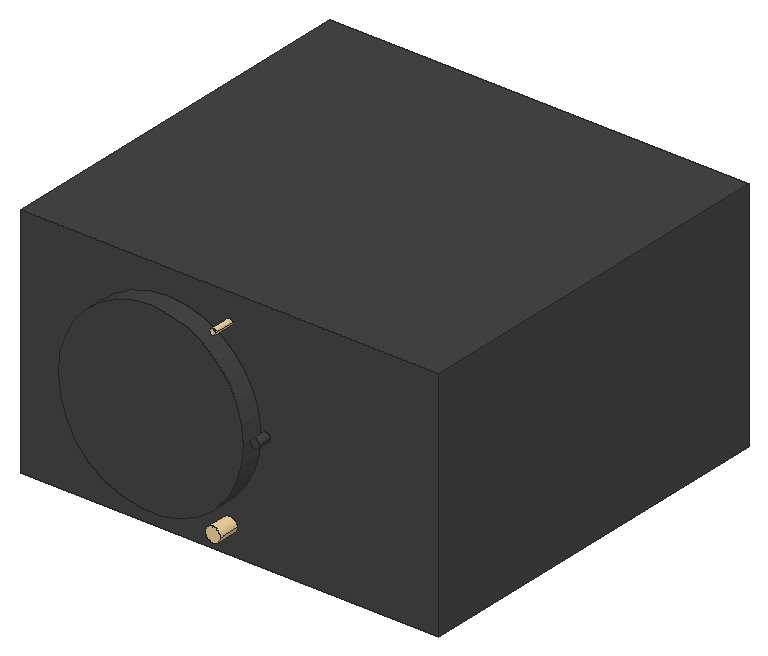
Revit family "CoolBox i 160-400 315-1400", category Оборудование, Revit 2019
Family settings
  Размер круглого соединителя = Использовать диаметр
  Классификация = Нет
  Тип детали = Нормальный
  На основе рабочей плоскости = Нет
  Всегда вертикально = Да
  При загрузке вырезать с полостями = Нет
  Общий = Нет
  Точка расчета площади = Нет
Parameters (values of type "CoolBox i-315-1400-7.0 правый")
  фитинг = if(Левый, A - До оси вв, До оси вв)  # 250 mm
  Ширина УГО = 507.7 mm
  Дренаж от края = 46 mm
  Фреон ж = 9.5 mm
  Фреон г = 15 mm
  УГО угол = atan(Высота вв * 2 / D)  # 12.5288°
  Соед г фреона = if(Левый, A / 2 - Г фреон от оси, A / 2 + Г фреон от оси)  # 416.5 mm
  Высота УГО = 530.751 mm
  C = 400 mm
  Правый = yes
  Левый = no
  Г фреон от оси = 61.5 mm
  Дренаж = 25 mm
  До оси вв = 250 mm
  Высота вв = 35 mm  # constant formula
  D = 315 mm
  B = 656 mm
  ADSK_Холодильная мощность = 7000 W
  ADSK_Расход холодоносителя [instance] = 0.0 L/s
  ADSK_Расход жидкости [instance] = 0.0 L/s
  ADSK_Расход воздуха [instance] = 0.0 m³/h
  ADSK_Примечание [instance] = ""
  ADSK_Позиция [instance] = ""
  ADSK_Обозначение [instance] = ""
  ADSK_Наименование = "Канальный охладитель Cool-Box испарительный блок"  # constant formula
  ADSK_Марка = "CoolBox i-315-1400-7.0"
  ADSK_Количество = 1
  ADSK_Код изделия = ""
  ADSK_Завод-изготовитель = "ООО «Турков»"  # constant formula
  ADSK_Единица измерения = "шт."  # constant formula
  A = 710 mm
Types (20, lengths in mm): name | фитинг | Ширина УГО | Фреон ж | Фреон г | УГО угол | Соед г фреона | Высота УГО | C | Правый | Левый | До оси вв | D | B | ADSK_Холодильная мощность | ADSK_Марка | A
  CoolBox i-160-400-2.5 левый | 163 | 490 | 6.35 | 9 | 23.6294° | 326.5 | 500 | 260 | yes | no | 163 | 160 | 560 | 2500 W | "CoolBox i-160-400-2.5" | 530
  CoolBox i-160-400-2.5 правый | 163 | 490 | 6.35 | 9 | 23.6294° | 326.5 | 500 | 260 | yes | no | 163 | 160 | 560 | 2500 W | "CoolBox i-160-400-2.5" | 530
  CoolBox i-160-400-2.0 левый | 367 | 490 | 6.35 | 9 | 23.6294° | 203.5 | 500 | 260 | no | yes | 163 | 160 | 560 | 2000 W | "CoolBox i-160-400-2.0" | 530
  CoolBox i-160-400-2.0 правый | 163 | 490 | 6.35 | 9 | 23.6294° | 326.5 | 500 | 260 | yes | no | 163 | 160 | 560 | 2000 W | "CoolBox i-160-400-2.0" | 530
  CoolBox i-200-600-2.0 левый | 362 | 507.7 | 6.35 | 9 | 19.29° | 203.5 | 530.751 | 300 | no | yes | 168 | 200 | 560 | 2000 W | "CoolBox i-200-600-2.0" | 530
  CoolBox i-200-600-2.0 правый | 168 | 507.7 | 6.35 | 9 | 19.29° | 326.5 | 530.751 | 300 | yes | no | 168 | 200 | 560 | 2000 W | "CoolBox i-200-600-2.0" | 530
  CoolBox i-200-600-2.5 правый | 168 | 400 | 6.35 | 9 | 19.29° | 326.5 | 530 | 300 | yes | no | 168 | 200 | 560 | 2500 W | "CoolBox i-200-600-2.5" | 530
  CoolBox i-200-600-2.5 левый | 362 | 507.7 | 6.35 | 9 | 19.29° | 203.5 | 530.751 | 300 | no | yes | 168 | 200 | 560 | 2500 W | "CoolBox i-200-600-2.5" | 530
  CoolBox i-200-600-3.5 левый | 460 | 507.7 | 6.35 | 9 | 19.29° | 293.5 | 530.751 | 290 | no | yes | 250 | 200 | 660 | 3500 W | "CoolBox i-200-600-3.5" | 710
  CoolBox i-200-600-3.5 правый | 250 | 507.7 | 6.35 | 9 | 19.29° | 416.5 | 530.751 | 290 | yes | no | 250 | 200 | 660 | 3500 W | "CoolBox i-200-600-3.5" | 710
  CoolBox i-250-1000-3.5 правый | 250 | 507.7 | 6.35 | 9 | 15.6422° | 416.5 | 389.249 | 335 | yes | no | 250 | 250 | 656 | 3500 W | "CoolBox i-250-1000-3.5" | 710
  CoolBox i-250-1000-3.5 левый | 460 | 507.7 | 6.35 | 9 | 15.6422° | 293.5 | 530.751 | 335 | no | yes | 250 | 250 | 656 | 3500 W | "CoolBox i-250-1000-3.5" | 710
  CoolBox i-250-1000-5.0 левый | 460 | 507.7 | 6.35 | 12.7 | 15.6422° | 293.5 | 530.751 | 400 | no | yes | 250 | 250 | 656 | 5000 W | "CoolBox i-250-1000-5.0" | 710
  CoolBox i-250-1000-5.0 правый | 250 | 507.7 | 6.35 | 12.7 | 15.6422° | 416.5 | 530.751 | 400 | yes | no | 250 | 250 | 656 | 5000 W | "CoolBox i-250-1000-5.0" | 710
  CoolBox i-250-1000-7.0 правый | 250 | 507.7 | 9.5 | 15 | 15.6422° | 416.5 | 530.751 | 400 | yes | no | 250 | 250 | 656 | 7000 W | "CoolBox i-250-1000-7.0" | 710
  CoolBox i-250-1000-7.0 левый | 460 | 507.7 | 9.5 | 15 | 15.6422° | 293.5 | 530.751 | 400 | no | yes | 250 | 250 | 656 | 7000 W | "CoolBox i-250-1000-7.0" | 710
  CoolBox i-315-1400-7.0 левый | 460 | 507.7 | 9.5 | 15 | 12.5288° | 293.5 | 530.751 | 400 | no | yes | 250 | 315 | 656 | 7000 W | "CoolBox i-315-1400-7.0" | 710
  CoolBox i-315-1400-7.0 правый | 250 | 507.7 | 9.5 | 15 | 12.5288° | 416.5 | 530.751 | 400 | yes | no | 250 | 315 | 656 | 7000 W | "CoolBox i-315-1400-7.0" | 710
  CoolBox i-315-1400-5.0 правый | 250 | 507.7 | 6.4 | 12.7 | 12.5288° | 416.5 | 530.751 | 400 | yes | no | 250 | 315 | 656 | 5000 W | "CoolBox i-315-1400-5.0" | 710
  CoolBox i-315-1400-5.0 левый | 460 | 507.7 | 6.4 | 12.7 | 12.5288° | 293.5 | 530.751 | 400 | no | yes | 250 | 315 | 656 | 5000 W | "CoolBox i-315-1400-5.0" | 710
Reference planes
  plane 1 "По центру (Вперед/Назад)": y = 0
  plane 2: z = 0
  plane 3 "По центру (Влево/Вправо)": x = 0
  plane 4: y = 328
  plane 5: x = 355
  plane 6: y = -328
  plane 7: x = -355
  plane 8: z = 400
  plane 9: z = 200
  plane 10: y = -363
  plane 11: y = 363
  plane 12: z = 244
  plane 13: z = 156
Forms (mm)
  Extrusion 1, solid, material "Сталь, Оцинкованная", visible <- "Левый", detail levels medium+fine
    sketch origin (-342.82, -363, 1200) x (-1, 0, 0) y (0, 0, 1)
      loop
        circle (-447.82, -1000) r 157.5
    from 0 to 35
  Extrusion 2, solid, material "Сталь, Оцинкованная", visible <- "Левый", detail levels medium+fine
    sketch origin (-342.82, 363, 1200) x (-1, 0, 0) y (0, 0, -1)
      loop
        circle (-447.82, 1000) r 157.5
    from 0 to 35
  Extrusion 3, solid, material "Нержавеющая сталь", visible <- "Левый", detail levels medium+fine
    sketch origin (-342.82, -305, 1200) x (-1, 0, 0) y (0, 0, 1)
      loop
        circle (-281.32, -1000) r 7.5
    from -53 to -23
  Extrusion 4, solid, material "Латунь", detail levels medium+fine
    sketch origin (-342.82, -363, 1200) x (-1, 0, 0) y (0, 0, 1)
      loop
        circle (-342.82, -846) r 4.75
      loop
        circle (-342.82, -1154) r 12.5
    from 0 to 35
  Extrusion 5, solid, material "Сталь, Оцинкованная", visible <- "Правый", detail levels medium+fine
    sketch origin (342.82, -363, 1200) x (1, 0, 0) y (0, 0, -1)
      loop
        circle (-447.82, 1000) r 157.5
    from 0 to 35
  Extrusion 6, solid, material "Сталь, Оцинкованная", visible <- "Правый", detail levels medium+fine
    sketch origin (342.82, 363, 1200) x (1, 0, 0) y (0, 0, 1)
      loop
        circle (-447.82, -1000) r 157.5
    from 0 to 35
  Extrusion 7, solid, material "Нержавеющая сталь", visible <- "Правый", detail levels medium+fine
    sketch origin (342.82, -305, 1200) x (1, 0, 0) y (0, 0, -1)
      loop
        circle (-281.32, 1000) r 7.5
    from -45 to -23
  Extrusion 8, solid, material "Сталь, окрашенная, слоновая кость, блестящая", detail levels medium+fine
    sketch origin (-890.529, -328, 1200) x (-1, 0, 0) y (0, 0, 1)
      loop
        line (-535.529, -800) -> (-1245.529, -800) -> (-1245.529, -1200) -> (-535.529, -1200) -> (-535.529, -800)
    from 0 to 656
  Extrusion 9, solid, material "Полипропилен", detail levels coarse
    sketch origin (1499, -415.614, 200) x (0, -1, 0) y (1, 0, 0)
      loop
        circle (-415.614, -1722.85) r 15
      loop
        circle (-415.614, -1275.15) r 15
    from 0 to 1
  Extrusion 10, solid, material "Полипропилен", detail levels coarse
    sketch origin (-354.114, -1522, 46) x (-1, 0, 0) y (0, -1, 0)
      loop
        line (-341.614, -1194) -> (-354.114, -1181.5) -> (-366.614, -1194) -> (-341.614, -1194)
    from 0 to 1
  Extrusion 11, solid, material "Полипропилен", not visible, detail levels coarse
    sketch origin (-354.114, -1531.5, 220) x (-1, 0, 0) y (0, -1, 0)
      loop
        line (-341.614, -1194) -> (-354.114, -1181.5) -> (-366.614, -1194) -> (-341.614, -1194)
    from 0 to 1
Lines and regions (mm)
  model lines, style "УГО", detail levels coarse
    curve 1: line (-355, 328, 200) -> (355, 328, 200)
    curve 2: line (-355, -328, 200) -> (-355, 328, 200)
    curve 3: line (355, -328, 200) -> (-355, -328, 200)
    curve 4: line (355, 328, 200) -> (355, -328, 200)
    curve 5: line (-253.85, 265.375, 200) -> (253.85, 265.375, 200)
    curve 6: line (-253.85, -265.375, 200) -> (-253.85, 265.375, 200)
    curve 7: line (253.85, -265.375, 200) -> (-253.85, -265.375, 200)
    curve 8: line (253.85, 265.375, 200) -> (253.85, -265.375, 200)
    curve 9: circle (0, 0, 200) r 125 normal (0, 0, 1)
    curve 10: line (0, 93.866, 200) -> (0, -93.866, 200)
    curve 11: line (0, -328, 244) -> (0, -328, 156)
  model lines, style "УГО", visible <- "Левый", detail levels coarse
    curve 12: line (-52.5, -328, 200) -> (105, -363, 200)
    curve 13: line (105, -363, 200) -> (262.5, -328, 200)
    curve 14: line (-52.5, 363, 200) -> (105, 328, 200)
    curve 15: line (105, 328, 200) -> (262.5, 363, 200)
    curve 16: line (-52.5, 363, 200) -> (262.5, 363, 200)
    curve 23: line (61.5, -342.5, 200) -> (61.5, -350, 200)
  model lines, style "УГО", visible <- "Правый", detail levels coarse
    curve 17: line (52.5, -328, 200) -> (-105, -363, 200)
    curve 18: line (-105, -363, 200) -> (-262.5, -328, 200)
    curve 19: line (52.5, 363, 200) -> (-105, 328, 200)
    curve 20: line (-105, 328, 200) -> (-262.5, 363, 200)
    curve 21: line (52.5, 363, 200) -> (-262.5, 363, 200)
    curve 22: line (-61.5, -358, 200) -> (-61.5, -328, 200)
  model lines, style "Декорации", detail levels fine
    curve 24: line (-355, -328, 380) -> (355, -328, 380)
    curve 25: line (-355, 328, 380) -> (355, 328, 380)
    curve 26: line (-355, -328, 20) -> (355, -328, 20)
    curve 27: line (-355, 328, 20) -> (355, 328, 20)
    curve 28: line (355, -328, 380) -> (355, 328, 380)
    curve 29: line (-355, 328, 380) -> (-355, -328, 380)
    curve 30: line (355, -328, 20) -> (355, 328, 20)
    curve 31: line (-355, 328, 20) -> (-355, -328, 20)
  reference lines
    curve 32: line (-105, -363, 200) -> (-105, 363, 200)
    curve 33: line (61.5, -358, 200) -> (61.5, -336.596, 200)
Dimensions and locks
  equal spacing: plane 4, plane 1 "По центру (Вперед/Назад)", plane 6
  equal spacing: plane 7, plane 3 "По центру (Влево/Вправо)", plane 5
  "B": plane 4 to plane 6
  "A": plane 7 to plane 5
  "C": plane 8 to plane 2
  equal spacing: plane 8, plane 9, plane 2
  "Высота вв": plane 6 to plane 10
  "Дренаж от края": plane 8 to Extrusion 4 sketch curve
  "Дренаж от края": Extrusion 4 sketch curve to plane 2
  equal spacing: curve 10, plane 3 "По центру (Влево/Вправо)", curve 10
  "D": curve 12 to curve 13
  "До оси вв": curve 13 to plane 5
  "D": curve 14 to curve 15
  "До оси вв": curve 15 to plane 5
  "D": curve 17 to curve 18
  "D": curve 19 to curve 20
  "До оси вв": plane 7 to curve 20
  "До оси вв": plane 7 to curve 18
  "фитинг": plane 7 to curve 32
  "До оси вв": Extrusion 6 sketch curve to plane 7
  "До оси вв": plane 5 to Extrusion 2 sketch curve
  "До оси вв": plane 5 to Extrusion 1 sketch curve
  "До оси вв": Extrusion 5 sketch curve to plane 7
  "Высота вв": plane 11 to plane 4
  "Высота УГО": curve 7 to curve 5
  "Ширина УГО": curve 6 to curve 8
  equal spacing: curve 5, plane 1 "По центру (Вперед/Назад)", curve 7
  equal spacing: curve 6, plane 3 "По центру (Влево/Вправо)", curve 8
  equal spacing: Extrusion 9 sketch curve, plane 1 "По центру (Вперед/Назад)", Extrusion 9 sketch curve
  equal spacing: plane 12, plane 9, plane 13
  locked: Extrusion 9 sketch curve to curve 8 at 30
  locked: curve 6 to Extrusion 9 sketch curve at 30
  "Дренаж": Extrusion 10 sketch curve to Extrusion 10 sketch curve
  "Дренаж": Extrusion 11 sketch curve to Extrusion 11 sketch curve
  "Г фреон от оси": plane 3 "По центру (Влево/Вправо)" to Extrusion 3 sketch curve
  "Г фреон от оси": Extrusion 7 sketch curve to plane 3 "По центру (Влево/Вправо)"
  "Г фреон от оси": curve 22 to plane 3 "По центру (Влево/Вправо)"
  "Г фреон от оси": plane 3 "По центру (Влево/Вправо)" to curve 23
  "Соед г фреона": plane 7 to curve 33
  "Дренаж от края": Extrusion 10 to plane 2
  "D": diameter of Extrusion 1 sketch curve
  "D": diameter of Extrusion 2 sketch curve
  "Фреон г": diameter of Extrusion 3 sketch curve
  "Фреон ж": diameter of Extrusion 4 sketch curve
  "Дренаж": diameter of Extrusion 4 sketch curve
  "D": diameter of Extrusion 5 sketch curve
  "D": diameter of Extrusion 6 sketch curve
  "Фреон г": diameter of Extrusion 7 sketch curve
  diameter of curve 9 = 250 mm
  "УГО угол": angle plane 6 to curve 13
  "УГО угол": angle curve 12 to plane 6
  "УГО угол": angle plane 11 to curve 15
  "УГО угол": angle curve 14 to plane 11
  "УГО угол": angle curve 18 to plane 6
  "УГО угол": angle plane 6 to curve 17
  "УГО угол": angle curve 20 to plane 11
  "УГО угол": angle plane 11 to curve 19
  aligned and locked: level to plane 2
  aligned and locked: Extrusion 1 to plane 10
  aligned and locked: plane 6 to Extrusion 1
  aligned and locked: plane 11 to Extrusion 2  (x2)
  aligned and locked: Extrusion 2 to plane 4
  aligned and locked: plane 6 to Extrusion 3
  aligned and locked: Extrusion 4 to plane 10
  aligned and locked: plane 10 to Extrusion 4
  aligned and locked: plane 6 to Extrusion 4
  aligned and locked: Extrusion 6 to plane 4
  aligned and locked: Extrusion 6 to plane 11
  aligned and locked: Extrusion 5 to plane 10
  aligned and locked: plane 6 to Extrusion 5
  aligned and locked: Extrusion 3 to plane 6
  aligned and locked: Extrusion 8 sketch curve to plane 8
  aligned and locked: plane 7 to Extrusion 8 sketch curve
  aligned and locked: plane 2 to Extrusion 8 sketch curve
  aligned and locked: Extrusion 8 sketch curve to plane 5
  aligned and locked: plane 4 to Extrusion 8
  aligned and locked: Extrusion 8 to plane 6
  aligned and locked: plane 7 to curve 2
  aligned and locked: curve 1 to plane 4
  aligned and locked: curve 4 to plane 5
  aligned and locked: plane 6 to curve 17
  aligned and locked: plane 10 to curve 18
  aligned and locked: plane 11 to curve 16
  aligned and locked: plane 11 to curve 21
  aligned and locked: plane 4 to curve 20
  aligned and locked: Extrusion 7 to curve 23
  aligned and locked: Extrusion 3 to curve 22
  aligned and locked: plane 3 "По центру (Влево/Вправо)" to curve 11
  aligned and locked: plane 7 to curve 24
  aligned and locked: plane 5 to curve 24
  aligned and locked: plane 5 to curve 25
  aligned and locked: plane 7 to curve 25
  aligned and locked: plane 4 to curve 28
  aligned and locked: plane 6 to curve 28
  aligned and locked: plane 6 to curve 29
  aligned and locked: plane 4 to curve 29
  aligned and locked: plane 6 to curve 30
  aligned and locked: plane 4 to curve 30
  aligned and locked: plane 4 to curve 31
  aligned and locked: plane 6 to curve 31
  aligned and locked: plane 10 to curve 32
  aligned and locked: plane 11 to curve 32
  aligned and locked: Extrusion 5 to plane 6
  aligned and locked: Extrusion 1 to plane 6
  aligned and locked: plane 6 to Extrusion 7
  aligned and locked: plane 6 to Extrusion 10
  aligned and locked: Extrusion 3 to curve 33
Automatic sketch dimensions
  curve 27 to plane 5 = 0 mm
  curve 27 to plane 7 = 0 mm
  level to curve 27 = 20 mm
  curve 25 to plane 8 = 20 mm
  level to curve 30 = 20 mm
  curve 28 to plane 8 = 20 mm
  level to curve 31 = 20 mm
  curve 29 to plane 8 = 20 mm
  plane 1 "По центру (Вперед/Назад)" to Extrusion 9 sketch curve = 0 mm
  curve 26 to plane 5 = 0 mm
  curve 11 to plane 3 "По центру (Влево/Вправо)" = 0 mm
  curve 26 to plane 7 = 0 mm
  curve 11 to plane 13 = 0 mm
  curve 11 to plane 12 = 0 mm
  level to curve 26 = 20 mm
  curve 24 to plane 8 = 20 mm
  Extrusion 10 sketch curve to Extrusion 10 sketch curve = 12.5 mm
  Extrusion 11 sketch curve to Extrusion 11 sketch curve = 12.5 mm
  Extrusion 1 sketch curve to plane 9 = 0 mm
  Extrusion 2 sketch curve to plane 9 = 0 mm
  Extrusion 3 sketch curve to plane 9 = 0 mm
  Extrusion 4 sketch curve to plane 3 "По центру (Влево/Вправо)" = 0 mm  (x2)
  Extrusion 5 sketch curve to plane 9 = 0 mm
  Extrusion 6 sketch curve to plane 9 = 0 mm
  Extrusion 7 sketch curve to plane 9 = 0 mm
  plane 1 "По центру (Вперед/Назад)" to curve 9 = 0 mm
  curve 9 to plane 3 "По центру (Влево/Вправо)" = 0 mm
  curve 10 to plane 1 "По центру (Вперед/Назад)" = 93.866 mm
  plane 1 "По центру (Вперед/Назад)" to curve 10 = 93.866 mm
  curve 23 to curve 23 = 7.5 mm
  curve 33 to plane 6 = 8.596 mm
  plane 10 to curve 33 = 5 mm
  radius of Extrusion 9 sketch curve = 15 mm  (x2)
Connectors
  hvac at (-105, -363, 200), driven by "D"
    settings: on curve 32, index 2, duct flow 0.0 m³/h, flow factor 0, pres drop 0.0 Pa, loss coef 0, conn angle 0.00°, conn width 304.8 mm, conn height 304.8 mm, conn diameter 315 mm, duct sys type 28, conn prof type 0, flow config 0, flow direction 2, loss method 0, conn ref index 3, conn util no, is conn primary yes, conn desc ""
  hvac at (-105, 363, 200), driven by "D"
    settings: on curve 32, index 3, duct flow 0.0 m³/h, flow factor 0, pres drop 0.0 Pa, loss coef 0, conn angle 0.00°, conn width 304.8 mm, conn height 304.8 mm, conn diameter 315 mm, duct sys type 28, conn prof type 0, flow config 0, flow direction 1, loss method 0, conn ref index 2, conn util no, is conn primary no, conn desc ""
  piping at (0, -363, 354), diameter 9.5, driven by "Фреон ж"
    settings: on Extrusion 4, index 4, connector inside diameter 609.6 mm, connector length 0 mm, flow factor 0, pipe flow 0.0 L/s, pressure drop 0.0 Pa, fitting loss kfactor 0, connector angle 0.00°, fixture units 0, engagement length 0 mm, angle of deflection 0.00°, flow configuration 0, flow direction 1, fitting loss method 0, system type 29, joint type 0, gender type 0, connector reference index -1, connector utility 0, adjustable connector no, is connector primary yes, connector description "Жидкий фреон"
  piping at (0, -363, 46), diameter 25, driven by "Дренаж"
    settings: on Extrusion 4, index 5, connector inside diameter 609.6 mm, connector length 0 mm, flow factor 0, pipe flow 0.0 L/s, pressure drop 0.0 Pa, fitting loss kfactor 0, connector angle 0.00°, fixture units 0, engagement length 0 mm, angle of deflection 0.00°, flow configuration 0, flow direction 2, fitting loss method 0, system type 29, joint type 0, gender type 0, connector reference index -1, connector utility 0, adjustable connector no, is connector primary no, connector description "Дренаж"
  piping at (61.5, -358, 200), diameter 15, driven by "Фреон г"
    settings: on curve 33, index 6, connector inside diameter 609.6 mm, connector length 0 mm, flow factor 0, pipe flow 0.0 L/s, pressure drop 0.0 Pa, fitting loss kfactor 0, connector angle 0.00°, fixture units 0, engagement length 0 mm, angle of deflection 0.00°, flow configuration 0, flow direction 2, fitting loss method 0, system type 29, joint type 0, gender type 0, connector reference index -1, connector utility 0, adjustable connector no, is connector primary no, connector description "Газообразный фреон"
